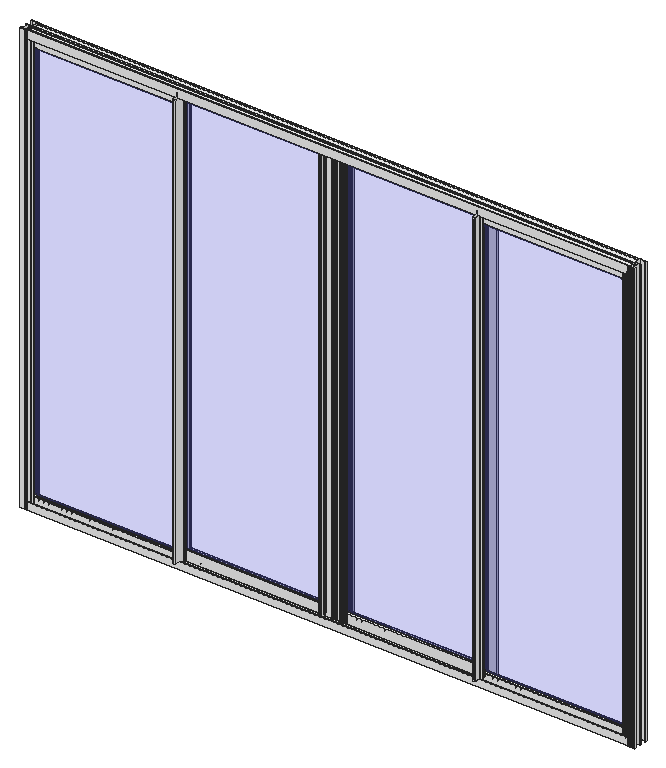
Revit family "700_OXXO_Custom", category Doors, host Wall, Revit 2014 (continued)
Definition of nested family "700_Sash_Sliding_Female_OXXO_Cust"
  Definition of nested family "700_Heavy_Duty_Female_Meeting_Stile"
    Forms (mm)
      Extrusion 2, void
        sketch origin (0, 0, 250) x (0, 1, 0) y (1, 0, 0)
          loop
            line (25.839, 30.848) -> (1.921, 30.848) -> (1.921, 2.015) -> (25.839, 2.015) -> (25.839, 30.848)
        from 0 to 14.3
    Cuts and joins
      Extrusion 2 cuts Extrusion 1
    Dimensions and locks
      aligned and locked: level to plane 2
  Definition of nested family "700_Extra_Heavy_Duty_Female_Meeting_Stile"
    Parameters (values of type "700_Extra_Heavy_Duty_Female_Meeting_Stile")
      Profile Material [instance] = none
      Length Extra Heavy Duty Female Meeting Stile [instance] = 250 mm
    Reference planes
      plane 1 "Center (Front/Back)": y = 0
      plane 2: z = 0
      plane 3 "Center (Left/Right)": x = 0
    Forms (mm)
      Extrusion 1, solid, material <- "Profile Material"
        sketch origin (0, 0, 0) x (1, 0, 0) y (0, 1, 0)
          loop
            arc (9.077, 25.376) -> (6.955, 24.497) -> (6.077, 22.376) r 3
            line (6.077, 22.376) -> (6.077, 10.376)
            arc (6.077, 10.376) -> (6.955, 8.254) -> (9.077, 7.376) r 3
            line (9.077, 7.376) -> (15.077, 7.376)
            arc (15.077, 7.376) -> (17.198, 8.254) -> (18.077, 10.376) r 3
            line (18.077, 10.376) -> (18.077, 22.376)
            arc (18.077, 22.376) -> (17.198, 24.497) -> (15.077, 25.376) r 3
            line (15.077, 25.376) -> (9.077, 25.376)
          loop
            line (19.477, 48.476) -> (19.477, 27.276) -> (50.877, 27.276) -> (50.877, 48.476) -> (19.477, 48.476)
          loop
            arc (18.077, 65.376) -> (17.198, 67.497) -> (15.077, 68.376) r 3
            line (15.077, 68.376) -> (9.077, 68.376)
            arc (9.077, 68.376) -> (6.955, 67.497) -> (6.077, 65.376) r 3
            line (6.077, 65.376) -> (6.077, 53.376)
            arc (6.077, 53.376) -> (6.955, 51.254) -> (9.077, 50.376) r 3
            line (9.077, 50.376) -> (15.077, 50.376)
            arc (15.077, 50.376) -> (17.198, 51.254) -> (18.077, 53.376) r 3
            line (18.077, 53.376) -> (18.077, 65.376)
          loop
            line (6.477, 45.168) -> (6.477, 48.976) -> (18.077, 48.976) -> (18.077, 26.776) -> (6.477, 26.776) -> (6.477, 30.583) -> (10.62, 31.693)
            arc (10.62, 31.693) -> (11.071, 32.356) -> (10.46, 32.875) r 0.6
            line (10.46, 32.875) -> (5.077, 32.875) -> (5.077, 26.276) -> (4.077, 26.276) -> (4.077, 5.876)
            arc (4.077, 5.876) -> (4.955, 3.754) -> (7.077, 2.876) r 3
            line (7.077, 2.876) -> (17.077, 2.876)
            arc (17.077, 2.876) -> (19.198, 3.754) -> (20.077, 5.876) r 3
            line (20.077, 5.876) -> (20.077, 22.376)
            arc (20.077, 22.376) -> (20.955, 24.497) -> (23.077, 25.376) r 3
            line (23.077, 25.376) -> (65.377, 25.376) -> (65.377, 26.776) -> (52.377, 26.776) -> (52.377, 48.976) -> (65.377, 48.976) -> (65.377, 50.376) -> (23.077, 50.376)
            arc (23.077, 50.376) -> (20.955, 51.254) -> (20.077, 53.376) r 3
            line (20.077, 53.376) -> (20.077, 69.876)
            arc (20.077, 69.876) -> (19.198, 71.997) -> (17.077, 72.876) r 3
            line (17.077, 72.876) -> (7.077, 72.876)
            arc (7.077, 72.876) -> (4.955, 71.997) -> (4.077, 69.876) r 3
            line (4.077, 69.876) -> (4.077, 49.476) -> (5.077, 49.476) -> (5.077, 42.876) -> (10.46, 42.876)
            arc (10.46, 42.876) -> (11.071, 43.395) -> (10.62, 44.058) r 0.6
            line (10.62, 44.058) -> (6.477, 45.168)
        from 0 to 250 <- "Length Extra Heavy Duty Female Meeting Stile"
      Extrusion 2, void
        sketch origin (0, 0, 250) x (0, 1, 0) y (1, 0, 0)
          loop
            line (50.376, 27.044) -> (50.376, -4.296) -> (77.736, -4.296) -> (77.736, 27.044) -> (50.376, 27.044)
          loop
            line (25.376, 28.298) -> (-1.599, 28.298) -> (-1.599, -6.702) -> (25.376, -6.702) -> (25.376, 28.298)
        from 0 to 14.3
    Cuts and joins
      Extrusion 2 cuts Extrusion 1
    Dimensions and locks
      aligned and locked: level to plane 2
Definition of nested family "700_Sash_Sliding_Male_OXXO_Cust"
  Parameters (values of type "700_Sash_OXXO_Sliding_Male")
    Meeting Stile Configuration [instance] = 1 mm
    Is Heavy Duty Meeting Stile [instance] = if(Meeting Stile Configuration = 1 mm, 1 = 1, 1 = 0)  # yes
    Is Heavy Duty Interlock [instance] = if(Interlock Configuration = 2 mm, 1 = 1, 1 = 0)  # yes
    Is Extra Heavy Duty Meeting Stile [instance] = if(Meeting Stile Configuration = 2 mm, 1 = 1, 1 = 0)  # no
    Is Extra Heavy Duty Interlock [instance] = if(Interlock Configuration = 3 mm, 1 = 1, 1 = 0)  # no
    Interlock Configuration [instance] = 2 mm
    Head & Sill Front Back Gap = 0.9 mm  # constant formula
    Sash Width [instance] = 900 mm
    Sash Height [instance] = 1200 mm
    Right Sliding [instance] = yes
    Profile Material [instance] = White Powder Coated Aluminium ANP 1052
    Middle of Glazing = 25 mm / 2  # 12.5 mm
    Length Sash Head & Sill [instance] = Sash Width - 28 mm - 60.3 mm  # 811.7 mm
    Length Arrow Tip [instance] = Length Arrow / 3.3  # 80.747 mm
    Length Arrow [instance] = (Sash Width - (2 * 50.3 mm)) / 3  # 266.467 mm
    Left Sliding [instance] = yes
    Is Sliding [instance] = if(or(Right Sliding, Left Sliding), 1 = 1, 1 = 2)  # yes
    Head & Sill Side Gap = 60.3 mm  # constant formula
    Glazing Width [instance] = Sash Width - 52.3 mm - 19 mm  # 828.7 mm
    Glazing Thickness [instance] = 6.4 mm
    Glazing Start [instance] = -Glazing Thickness / 2  # -3.2 mm
    Glazing Material [instance] = Glass
    Glazing Height [instance] = Sash Height - (2 mm * 41.5)  # 1117 mm
    Glazing End [instance] = Glazing Thickness / 2  # 3.2 mm
    Glazing Edge Jamb Gap = 52.3 mm  # constant formula
    Glazing Edge Bottom and Top Gap = 41.5 mm  # constant formula
    Extra Heavy Duty Interlock Side Gap [instance] = Sash Width - 28 mm  # 872 mm
    Arrow Tip Length [instance] = if((Sash Height - (2 * 50.3 mm)) / 8 > Length Arrow / 3.3, Length Arrow / 3.3, (Sash Height - (2 * 50.3 mm)) / 8)  # 80.747 mm
    Arrow Tip Angle = 45.00°  # constant formula
    Arrow Left Gap [instance] = (Sash Width - Length Arrow) / 2  # 316.767 mm
    Arrow Bottom Gap [instance] = Sash Height / 2  # 600 mm
  Reference planes
    plane 1 "Center (Front/Back)": y = 0
    plane 2: z = 0
    plane 3 "Center (Left/Right)": x = 0
    plane 4: y = -12.5
  Forms (mm)
    Extrusion 1, solid, material "Glass" <- "Glazing Material"
      sketch origin (-1127.187, -12.5, 1197.5) x (-1, 0, 0) y (0, 0, 1)
        loop
          line (-246.187, -39) -> (-1074.887, -39) -> (-1074.887, -1156) -> (-246.187, -1156) -> (-246.187, -39)
      from -3.2 <- "Glazing Start" to 3.2 <- "Glazing End"
  Lines and regions (mm)
    model lines, visible <- "Is Sliding"
      curve 1: line (-583.233, -9.3, 600) -> (-316.767, -9.3, 600)
    model lines, visible <- "Left Sliding"
      curve 2: line (-316.767, -9.3, 600) -> (-373.864, -9.3, 657.097)
      curve 3: line (-316.767, -9.3, 600) -> (-373.864, -9.3, 542.903)
    model lines, visible <- "Right Sliding"
      curve 4: line (-583.233, -9.3, 600) -> (-526.136, -9.3, 657.097)
      curve 5: line (-583.233, -9.3, 600) -> (-526.136, -9.3, 542.903)
  Dimensions and locks
    "Length Arrow": curve 1 to curve 1
    "Arrow Left Gap": plane 3 "Center (Left/Right)" to curve 1
    "Arrow Bottom Gap": level to curve 1
    "Arrow Tip Length": curve 3 to curve 2
    "Arrow Tip Length": curve 3 to curve 3
    "Length Arrow Tip": curve 5 to curve 5
    "Length Arrow Tip": curve 5 to curve 4
    "Middle of Glazing": plane 4 to plane 1 "Center (Front/Back)"
    "Sash Height": nested 1 to plane 2
    "Head & Sill Side Gap": plane 3 "Center (Left/Right)" to nested 1
    "Head & Sill Side Gap": plane 3 "Center (Left/Right)" to nested 2
    "Sash Width": nested 3 to plane 3 "Center (Left/Right)"
    "Head & Sill Front Back Gap": nested 2 to plane 1 "Center (Front/Back)"
    "Head & Sill Front Back Gap": nested 1 to plane 1 "Center (Front/Back)"
    "Glazing Edge Jamb Gap": Extrusion 1 to plane 3 "Center (Left/Right)"
    "Glazing Width": Extrusion 1 to Extrusion 1
    "Glazing Height": Extrusion 1 to Extrusion 1
    "Glazing Edge Bottom and Top Gap": Extrusion 1 to plane 2
    "Extra Heavy Duty Interlock Side Gap": nested 4 to plane 3 "Center (Left/Right)"
    "Arrow Tip Angle": angle curve 3 to curve 1
    "Arrow Tip Angle": angle curve 1 to curve 2
    "Arrow Tip Angle": angle curve 4 to curve 1
    "Arrow Tip Angle": angle curve 1 to curve 5
    aligned and locked: level to plane 2
    aligned and locked: plane 1 "Center (Front/Back)" to nested 3
    aligned and locked: nested 2 to level
    aligned and locked: plane 2 to nested 3
    aligned and locked: plane 1 "Center (Front/Back)" to nested 4
    aligned and locked: plane 2 to nested 4
    aligned and locked: nested 5 to plane 1 "Center (Front/Back)"
    aligned and locked: plane 3 "Center (Left/Right)" to nested 5
    aligned and locked: nested 5 to plane 2
    aligned and locked: nested 6 to plane 1 "Center (Front/Back)"
    aligned and locked: plane 3 "Center (Left/Right)" to nested 6
    aligned and locked: nested 6 to plane 2
  Automatic sketch dimensions
    Extrusion 1 sketch curve to plane 3 "Center (Left/Right)" = 52.3 mm
    level to Extrusion 1 sketch curve = 41.5 mm
    Extrusion 1 sketch curve to Extrusion 1 sketch curve = 828.7 mm
    Extrusion 1 sketch curve to Extrusion 1 sketch curve = 1117 mm
  Nested families
    nested 1: "700_Sash_Head_Rail" at (-872, -30.849, 1092.975), Profile Material <- "Profile Material", Length Sash Head & Sill Rail <- "Length Sash Head & Sill", type "700_Sash_Head_Rail"
      with Profile Material White Powder Coated Aluminium ANP 1052, Length Sash Head & Sill Rail 811.7 mm
    nested 2: "700_Sash_Sill_Rail" at (-872, -30.849, -7.025), Profile Material <- "Profile Material", Length Sash Head & Sill Rail <- "Length Sash Head & Sill", type "700_Sash_Sill_Rail"
      with Profile Material White Powder Coated Aluminium ANP 1052, Length Sash Head & Sill Rail 811.7 mm
    nested 3: "700_Heavy_Duty_Interlock" at (-904.214, -36.241, 0) x (0, 1, 0) z (0, 0, 1), Profile Material <- "Profile Material", Length Heavu Duty Interlocker <- "Sash Height", visible <- "Is Heavy Duty Interlock", type "700_Heavy_Duty_Interlock"
      with Profile Material White Powder Coated Aluminium ANP 1052, Length Heavu Duty Interlocker 1200 mm
    nested 4: "700_Extra_Heavy_Duty_Interlock" at (-866.986, -36.132, 0) x (-1, 0, 0) z (0, 0, 1), Profile Material <- "Profile Material", Length Extra Heavy Duty Interlock <- "Sash Height", visible <- "Is Extra Heavy Duty Interlock", type "700_Extra_Heavy_Duty_Interlock"
      with Profile Material White Powder Coated Aluminium ANP 1052, Length Extra Heavy Duty Interlock 1200 mm
    nested 5: "700_Heavy_Duty_Meeting_Stile" at (-68.953, -53.554, 0), Profile Material <- "Profile Material", Length Heavy Duty Meeting Stile <- "Sash Height", visible <- "Is Heavy Duty Meeting Stile", type "700_Heavy_Duty_Meeting_Stile"
      with Profile Material White Powder Coated Aluminium ANP 1052, Length Heavy Duty Meeting Stile 1200 mm
    nested 6: "700_Extra_Heavy_Duty_Meeting_Stile" at (-67.059, -50.751, 0), visible <- "Is Extra Heavy Duty Meeting Stile", Profile Material <- "Profile Material", Length Extra Heavy Duty Meeting Stile <- "Sash Height", type "700_Extra_Heavy_Duty_Meeting_Stile"
      with Profile Material White Powder Coated Aluminium ANP 1052, Length Extra Heavy Duty Meeting Stile 1200 mm
  Definition of nested family "700_Sash_Head_Rail"
    Parameters (values of type "700_Sash_Head_Rail")
      Profile Material [instance] = none
      Length Sash Head & Sill Rail [instance] = 250 mm
    Reference planes
      plane 1 "Center (Front/Back)": y = 0
      plane 2: z = 0
      plane 3 "Center (Left/Right)": x = 0
    Forms (mm)
      Extrusion 1, solid, material <- "Profile Material"
        sketch origin (0, 0, 0) x (0, 1, 0) y (0, 0, 1)
          loop
            line (24.799, 62.725) -> (23.399, 62.725) -> (23.399, 57.025) -> (26.819, 57.025)
            arc (26.819, 57.025) -> (27.319, 57.159) -> (27.685, 57.525) r 1
            line (27.685, 57.525) -> (29.949, 61.447) -> (29.949, 107.025) -> (28.549, 107.025) -> (28.549, 71.925) -> (8.249, 71.925) -> (8.249, 107.025) -> (6.849, 107.025) -> (6.849, 61.447) -> (9.114, 57.525)
            arc (9.114, 57.525) -> (9.48, 57.159) -> (9.98, 57.025) r 1
            line (9.98, 57.025) -> (13.399, 57.025) -> (13.399, 62.725) -> (11.999, 62.725) -> (11.999, 58.425) -> (10.209, 58.425) -> (8.249, 61.903) -> (8.249, 70.525) -> (28.549, 70.525) -> (28.509, 61.753) -> (26.588, 58.425) -> (24.799, 58.425) -> (24.799, 62.725)
        from 0 to 250 <- "Length Sash Head & Sill Rail"
    Dimensions and locks
      aligned and locked: level to plane 2
  Definition of nested family "700_Sash_Sill_Rail"
    Parameters (values of type "700_Sash_Sill_Rail")
      Profile Material [instance] = none
      Length Sash Head & Sill Rail [instance] = 250 mm
    Reference planes
      plane 1 "Center (Front/Back)": y = 0
      plane 2: z = 0
      plane 3 "Center (Left/Right)": x = 0
    Forms (mm)
      Extrusion 1, solid, material <- "Profile Material"
        sketch origin (0, 0, 0) x (0, 1, 0) y (0, 0, 1)
          loop
            line (24.799, 51.325) -> (24.799, 55.625) -> (26.588, 55.625) -> (28.509, 52.298) -> (28.549, 43.525) -> (8.249, 43.525) -> (8.249, 52.148) -> (10.209, 55.625) -> (11.999, 55.625) -> (11.999, 51.325) -> (13.399, 51.325) -> (13.399, 57.025) -> (9.98, 57.025)
            arc (9.98, 57.025) -> (9.48, 56.891) -> (9.114, 56.525) r 1
            line (9.114, 56.525) -> (6.849, 52.603) -> (6.849, 7.025) -> (8.249, 7.025) -> (8.249, 42.125) -> (28.549, 42.125) -> (28.549, 7.025) -> (29.949, 7.025) -> (29.949, 52.603) -> (27.685, 56.525)
            arc (27.685, 56.525) -> (27.319, 56.891) -> (26.819, 57.025) r 1
            line (26.819, 57.025) -> (23.399, 57.025) -> (23.399, 51.325) -> (24.799, 51.325)
        from 0 to 250 <- "Length Sash Head & Sill Rail"
    Dimensions and locks
      aligned and locked: level to plane 2
  Definition of nested family "700_Heavy_Duty_Interlock"
    Parameters (values of type "700_Heavy_Duty_Interlock")
      Profile Material [instance] = none
      Length Heavu Duty Interlocker [instance] = 250 mm
    Reference planes
      plane 1 "Center (Front/Back)": y = 0
      plane 2: z = 0
      plane 3 "Center (Left/Right)": x = 0
    Forms (mm)
      Extrusion 1, solid, material <- "Profile Material"
        sketch origin (0, 0, 0) x (1, 0, 0) y (0, 1, 0)
          loop
            line (13.041, 13.614) -> (13.041, 7.114)
            arc (13.041, 7.114) -> (13.481, 6.054) -> (14.541, 5.614) r 1.5
            line (14.541, 5.614) -> (62.241, 5.614) -> (62.241, 16.814) -> (14.841, 16.814) -> (14.841, 13.614) -> (13.041, 13.614)
          loop
            line (14.241, 4.214) -> (63.241, 4.214)
            arc (63.241, 4.214) -> (65.363, 5.093) -> (66.241, 7.214) r 3
            line (66.241, 7.214) -> (66.241, 15.214)
            arc (66.241, 15.214) -> (65.363, 17.336) -> (63.241, 18.214) r 3
            line (63.241, 18.214) -> (36.241, 18.214) -> (36.241, 33.314) -> (35.441, 33.314) -> (35.441, 32.214) -> (28.741, 32.214) -> (28.741, 26.823)
            arc (28.741, 26.823) -> (29.259, 26.22) -> (29.921, 26.659) r 0.6
            line (29.921, 26.659) -> (31.034, 30.814) -> (34.241, 30.814) -> (34.241, 18.214) -> (14.841, 18.214) -> (14.841, 23.914) -> (13.041, 23.914) -> (13.041, 30.814) -> (16.448, 30.814) -> (17.562, 26.659)
            arc (17.562, 26.659) -> (18.224, 26.22) -> (18.741, 26.823) r 0.6
            line (18.741, 26.823) -> (18.741, 32.214) -> (12.041, 32.214) -> (12.041, 33.314) -> (11.241, 33.314) -> (11.241, 21.014) -> (12.241, 21.014) -> (12.241, 22.214) -> (13.441, 22.214) -> (13.441, 15.314) -> (12.241, 15.314) -> (12.241, 16.514) -> (11.241, 16.514) -> (11.241, 11.764) -> (6.241, 11.764)
            arc (6.241, 11.764) -> (5.888, 11.911) -> (5.741, 12.264) r 0.5
            line (5.741, 12.264) -> (5.741, 15.764)
            arc (5.741, 15.764) -> (5.888, 16.118) -> (6.241, 16.264) r 0.5
            line (6.241, 16.264) -> (7.171, 16.264) -> (5.327, 23.885)
            arc (5.327, 23.885) -> (4.781, 24.26) -> (4.341, 23.765) r 0.5
            line (4.341, 23.765) -> (4.341, 11.864)
            arc (4.341, 11.864) -> (4.781, 10.804) -> (5.841, 10.364) r 1.5
            line (5.841, 10.364) -> (11.241, 10.364) -> (11.241, 7.214)
            arc (11.241, 7.214) -> (12.12, 5.093) -> (14.241, 4.214) r 3
        from 0 to 250 <- "Length Heavu Duty Interlocker"
      Extrusion 2, void
        sketch origin (63.241, 18.214, 0) x (1, 0, 0) y (0, 0, 1)
          loop
            line (-27, 250) -> (-27, 235.7) -> (8, 235.7) -> (8, 250) -> (-27, 250)
        from 0 to 250
    Cuts and joins
      Extrusion 2 cuts Extrusion 1
    Dimensions and locks
      locked: Extrusion 2 sketch curve to Extrusion 2 sketch curve at 14.3
      aligned and locked: level to plane 2
      aligned and locked: Extrusion 1 to Extrusion 2 sketch curve
      aligned and locked: Extrusion 2 sketch curve to Extrusion 1
  Definition of nested family "700_Extra_Heavy_Duty_Interlock"
    Parameters (values of type "700_Extra_Heavy_Duty_Interlock")
      Profile Material [instance] = none
      Length Extra Heavy Duty Interlock [instance] = 250 mm
    Reference planes
      plane 1 "Center (Front/Back)": y = 0
      plane 2: z = 0
      plane 3 "Center (Left/Right)": x = 0
    Forms (mm)
      Extrusion 1, solid, material <- "Profile Material"
        sketch origin (0, 0, 0) x (1, 0, 0) y (0, 1, 0)
          loop
            line (6.414, 16.339) -> (10.57, 17.452)
            arc (10.57, 17.452) -> (11.009, 18.114) -> (10.406, 18.631) r 0.6
            line (10.406, 18.631) -> (5.014, 18.631) -> (5.014, 11.932) -> (3.914, 11.932) -> (3.914, 11.132) -> (15.714, 11.132)
            arc (15.714, 11.132) -> (16.214, 11.632) -> (15.714, 12.132) r 0.5
            line (15.714, 12.132) -> (14.914, 12.132) -> (14.914, 13.332) -> (22.014, 13.332) -> (22.014, 12.132) -> (21.214, 12.132)
            arc (21.214, 12.132) -> (20.714, 11.632) -> (21.214, 11.132) r 0.5
            line (21.214, 11.132) -> (24.864, 11.132) -> (24.864, 9.98)
            arc (24.864, 9.98) -> (23.986, 7.858) -> (21.864, 6.98) r 3
            line (21.864, 6.98) -> (20.665, 6.98) -> (13.344, 5.217)
            arc (13.344, 5.217) -> (12.968, 4.671) -> (13.464, 4.232) r 0.5
            line (13.464, 4.232) -> (25.364, 4.232)
            arc (25.364, 4.232) -> (26.425, 4.671) -> (26.864, 5.732) r 1.5
            line (26.864, 5.732) -> (26.864, 11.132) -> (39.914, 11.132)
            arc (39.914, 11.132) -> (42.036, 12.01) -> (42.914, 14.132) r 3
            line (42.914, 14.132) -> (42.914, 63.132)
            arc (42.914, 63.132) -> (42.036, 65.253) -> (39.914, 66.132) r 3
            line (39.914, 66.132) -> (6.914, 66.132)
            arc (6.914, 66.132) -> (4.793, 65.253) -> (3.914, 63.132) r 3
            line (3.914, 63.132) -> (3.914, 35.332) -> (5.014, 35.332) -> (5.014, 28.632) -> (10.406, 28.632)
            arc (10.406, 28.632) -> (11.009, 29.149) -> (10.57, 29.811) r 0.6
            line (10.57, 29.811) -> (6.414, 30.924) -> (6.414, 34.132) -> (19.014, 34.132) -> (19.014, 14.732) -> (13.314, 14.732) -> (13.314, 12.932) -> (6.414, 12.932) -> (6.414, 16.339)
          loop
            line (37.914, 62.132) -> (8.914, 62.132)
            arc (8.914, 62.132) -> (6.793, 61.253) -> (5.914, 59.132) r 3
            line (5.914, 59.132) -> (5.914, 36.132) -> (40.914, 36.132) -> (40.914, 59.132)
            arc (40.914, 59.132) -> (40.036, 61.253) -> (37.914, 62.132) r 3
          loop
            line (23.415, 14.732) -> (37.914, 14.732)
            arc (37.914, 14.732) -> (40.036, 15.61) -> (40.914, 17.732) r 3
            line (40.914, 17.732) -> (40.914, 34.132) -> (20.415, 34.132) -> (20.415, 17.732)
            arc (20.415, 17.732) -> (21.294, 15.61) -> (23.415, 14.732) r 3
        from 0 to 250 <- "Length Extra Heavy Duty Interlock"
      Extrusion 2, void
        sketch origin (3.914, 63.132, 0) x (0, 1, 0) y (0, 0, 1)
          loop
            line (-27.8, 250) -> (-27.8, 235.7) -> (7.2, 235.7) -> (7.2, 250) -> (-27.8, 250)
        from 0 to 250
    Cuts and joins
      Extrusion 2 cuts Extrusion 1
    Dimensions and locks
      locked: Extrusion 1 to Extrusion 2 sketch curve at 14.3
      aligned and locked: level to plane 2
      aligned and locked: Extrusion 2 sketch curve to Extrusion 1  (x2)
  Definition of nested family "700_Heavy_Duty_Meeting_Stile"
    Parameters (values of type "700_Heavy_Duty_Meeting_Stile")
      Profile Material [instance] = none
      Length Heavy Duty Meeting Stile [instance] = 250 mm
    Reference planes
      plane 1 "Center (Front/Back)": y = 0
      plane 2: z = 0
      plane 3 "Center (Left/Right)": x = 0
    Forms (mm)
      Extrusion 1, solid, material <- "Profile Material"
        sketch origin (0, 0, 0) x (1, 0, 0) y (0, 1, 0)
          loop
            line (71.603, 50.154) -> (68.953, 50.154) -> (68.953, 53.554) -> (26.253, 53.554)
            arc (26.253, 53.554) -> (24.132, 54.432) -> (23.253, 56.554) r 3
            line (23.253, 56.554) -> (23.253, 73.054)
            arc (23.253, 73.054) -> (22.374, 75.175) -> (20.253, 76.054) r 3
            line (20.253, 76.054) -> (14.253, 76.054)
            arc (14.253, 76.054) -> (12.058, 75.098) -> (11.261, 72.84) r 3
            arc (11.261, 72.84) -> (11.37, 72.432) -> (11.753, 72.254) r 0.5
            line (11.753, 72.254) -> (14.553, 72.254)
            arc (14.553, 72.254) -> (14.907, 72.4) -> (15.053, 72.754) r 0.5
            arc (15.053, 72.754) -> (15.492, 73.814) -> (16.553, 74.254) r 1.5
            line (16.553, 74.254) -> (19.953, 74.254)
            arc (19.953, 74.254) -> (21.014, 73.814) -> (21.453, 72.754) r 1.5
            line (21.453, 72.754) -> (21.453, 56.554)
            arc (21.453, 56.554) -> (20.574, 54.432) -> (18.453, 53.554) r 3
            line (18.453, 53.554) -> (7.353, 53.554) -> (7.353, 52.754) -> (8.653, 52.754) -> (8.653, 46.054) -> (13.837, 46.054)
            arc (13.837, 46.054) -> (14.448, 46.573) -> (13.997, 47.236) r 0.6
            line (13.997, 47.236) -> (9.853, 48.346) -> (9.853, 52.154) -> (21.453, 52.154) -> (21.453, 29.954) -> (9.853, 29.954) -> (9.853, 33.761) -> (13.997, 34.871)
            arc (13.997, 34.871) -> (14.448, 35.534) -> (13.837, 36.053) r 0.6
            line (13.837, 36.053) -> (8.653, 36.053) -> (8.653, 29.354) -> (7.353, 29.354) -> (7.353, 28.554) -> (18.453, 28.554)
            arc (18.453, 28.554) -> (20.574, 27.675) -> (21.453, 25.554) r 3
            line (21.453, 25.554) -> (21.453, 9.354)
            arc (21.453, 9.354) -> (21.014, 8.293) -> (19.953, 7.854) r 1.5
            line (19.953, 7.854) -> (16.553, 7.854)
            arc (16.553, 7.854) -> (15.492, 8.293) -> (15.053, 9.354) r 1.5
            arc (15.053, 9.354) -> (14.907, 9.707) -> (14.553, 9.854) r 0.5
            line (14.553, 9.854) -> (11.753, 9.854)
            arc (11.753, 9.854) -> (11.37, 9.675) -> (11.261, 9.267) r 0.5
            arc (11.261, 9.267) -> (12.058, 7.009) -> (14.253, 6.054) r 3
            line (14.253, 6.054) -> (20.253, 6.054)
            arc (20.253, 6.054) -> (22.374, 6.932) -> (23.253, 9.054) r 3
            line (23.253, 9.054) -> (23.253, 25.554)
            arc (23.253, 25.554) -> (24.132, 27.675) -> (26.253, 28.554) r 3
            line (26.253, 28.554) -> (68.953, 28.554) -> (68.953, 31.954) -> (71.603, 31.954) -> (71.603, 32.954) -> (70.603, 32.954) -> (70.603, 34.154) -> (77.503, 34.154) -> (77.503, 32.954) -> (76.703, 32.954) -> (76.703, 31.954) -> (78.153, 31.954)
            arc (78.153, 31.954) -> (78.86, 32.246) -> (79.153, 32.954) r 1
            line (79.153, 32.954) -> (79.153, 34.554)
            arc (79.153, 34.554) -> (78.86, 35.261) -> (78.153, 35.554) r 1
            line (78.153, 35.554) -> (68.953, 35.554) -> (68.953, 33.354) -> (67.553, 33.354) -> (67.553, 29.954) -> (59.153, 29.954) -> (59.153, 52.154) -> (67.553, 52.154) -> (67.553, 48.754) -> (68.953, 48.754) -> (68.953, 46.554) -> (78.153, 46.554)
            arc (78.153, 46.554) -> (78.86, 46.846) -> (79.153, 47.554) r 1
            line (79.153, 47.554) -> (79.153, 49.154)
            arc (79.153, 49.154) -> (78.86, 49.861) -> (78.153, 50.154) r 1
            line (78.153, 50.154) -> (76.703, 50.154) -> (76.703, 49.154) -> (77.503, 49.154) -> (77.503, 47.954) -> (70.603, 47.954) -> (70.603, 49.154) -> (71.603, 49.154) -> (71.603, 50.154)
          loop
            line (22.853, 29.954) -> (57.353, 29.954) -> (57.353, 52.154) -> (22.853, 52.154) -> (22.853, 29.954)
        from 0 to 250 <- "Length Heavy Duty Meeting Stile"
      Extrusion 2, void
        sketch origin (0, 0, 250) x (0, 1, 0) y (1, 0, 0)
          loop
            line (53.554, 31.569) -> (53.554, 4.005) -> (79.816, 4.005) -> (79.816, 31.569) -> (53.554, 31.569)
          loop
            line (28.554, 30.634) -> (3.043, 30.634) -> (3.043, 4.005) -> (28.554, 4.005) -> (28.554, 30.634)
        from 0 to 14.3
    Cuts and joins
      Extrusion 2 cuts Extrusion 1
    Dimensions and locks
      aligned and locked: level to plane 2
  Definition of nested family "700_Extra_Heavy_Duty_Meeting_Stile"
    Parameters (values of type "700_Extra_Heavy_Duty_Meeting_Stile")
      Profile Material [instance] = none
      Length Extra Heavy Duty Meeting Stile [instance] = 250 mm
    Reference planes
      plane 1 "Center (Front/Back)": y = 0
      plane 2: z = 0
      plane 3 "Center (Left/Right)": x = 0
    Forms (mm)
      Extrusion 1, solid, material <- "Profile Material"
        sketch origin (0, 0, 0) x (1, 0, 0) y (0, 1, 0)
          loop
            line (20.959, 48.851) -> (20.959, 27.651) -> (55.459, 27.651) -> (55.459, 48.851) -> (20.959, 48.851)
          loop
            line (24.559, 25.751) -> (67.059, 25.751) -> (67.059, 29.151) -> (69.709, 29.151) -> (69.709, 30.151) -> (68.709, 30.151) -> (68.709, 31.351) -> (75.609, 31.351) -> (75.609, 30.151) -> (74.809, 30.151) -> (74.809, 29.151) -> (76.259, 29.151)
            arc (76.259, 29.151) -> (76.966, 29.444) -> (77.259, 30.151) r 1
            line (77.259, 30.151) -> (77.259, 31.751)
            arc (77.259, 31.751) -> (76.966, 32.458) -> (76.259, 32.751) r 1
            line (76.259, 32.751) -> (67.059, 32.751) -> (67.059, 30.551) -> (65.659, 30.551) -> (65.659, 27.151) -> (57.259, 27.151) -> (57.259, 49.351) -> (65.659, 49.351) -> (65.659, 45.951) -> (67.059, 45.951) -> (67.059, 43.751) -> (76.259, 43.751)
            arc (76.259, 43.751) -> (76.966, 44.044) -> (77.259, 44.751) r 1
            line (77.259, 44.751) -> (77.259, 46.351)
            arc (77.259, 46.351) -> (76.966, 47.058) -> (76.259, 47.351) r 1
            line (76.259, 47.351) -> (74.809, 47.351) -> (74.809, 46.351) -> (75.609, 46.351) -> (75.609, 45.151) -> (68.709, 45.151) -> (68.709, 46.351) -> (69.709, 46.351) -> (69.709, 47.351) -> (67.059, 47.351) -> (67.059, 50.751) -> (24.559, 50.751)
            arc (24.559, 50.751) -> (22.438, 51.63) -> (21.559, 53.751) r 3
            line (21.559, 53.751) -> (21.559, 70.251)
            arc (21.559, 70.251) -> (20.681, 72.372) -> (18.559, 73.251) r 3
            line (18.559, 73.251) -> (8.559, 73.251)
            arc (8.559, 73.251) -> (6.438, 72.372) -> (5.559, 70.251) r 3
            line (5.559, 70.251) -> (5.559, 49.851) -> (6.759, 49.851) -> (6.759, 43.251) -> (11.943, 43.251)
            arc (11.943, 43.251) -> (12.554, 43.77) -> (12.103, 44.433) r 0.6
            line (12.103, 44.433) -> (7.959, 45.544) -> (7.959, 49.351) -> (19.559, 49.351) -> (19.559, 27.151) -> (7.959, 27.151) -> (7.959, 30.958) -> (12.103, 32.068)
            arc (12.103, 32.068) -> (12.554, 32.731) -> (11.943, 33.251) r 0.6
            line (11.943, 33.251) -> (6.759, 33.251) -> (6.759, 26.651) -> (5.559, 26.651) -> (5.559, 6.251)
            arc (5.559, 6.251) -> (6.438, 4.13) -> (8.559, 3.251) r 3
            line (8.559, 3.251) -> (18.559, 3.251)
            arc (18.559, 3.251) -> (20.681, 4.13) -> (21.559, 6.251) r 3
            line (21.559, 6.251) -> (21.559, 22.751)
            arc (21.559, 22.751) -> (22.438, 24.872) -> (24.559, 25.751) r 3
          loop
            arc (10.559, 25.751) -> (8.438, 24.872) -> (7.559, 22.751) r 3
            line (7.559, 22.751) -> (7.559, 10.751)
            arc (7.559, 10.751) -> (8.438, 8.63) -> (10.559, 7.751) r 3
            line (10.559, 7.751) -> (16.559, 7.751)
            arc (16.559, 7.751) -> (18.681, 8.63) -> (19.559, 10.751) r 3
            line (19.559, 10.751) -> (19.559, 22.751)
            arc (19.559, 22.751) -> (18.681, 24.872) -> (16.559, 25.751) r 3
            line (16.559, 25.751) -> (10.559, 25.751)
          loop
            arc (19.559, 65.751) -> (18.681, 67.872) -> (16.559, 68.751) r 3
            line (16.559, 68.751) -> (10.559, 68.751)
            arc (10.559, 68.751) -> (8.438, 67.872) -> (7.559, 65.751) r 3
            line (7.559, 65.751) -> (7.559, 53.751)
            arc (7.559, 53.751) -> (8.438, 51.63) -> (10.559, 50.751) r 3
            line (10.559, 50.751) -> (16.559, 50.751)
            arc (16.559, 50.751) -> (18.681, 51.63) -> (19.559, 53.751) r 3
            line (19.559, 53.751) -> (19.559, 65.751)
        from 0 to 250 <- "Length Extra Heavy Duty Meeting Stile"
      Extrusion 2, void
        sketch origin (0, 0, 250) x (0, 1, 0) y (1, 0, 0)
          loop
            line (50.751, 26.039) -> (50.751, -2.222) -> (75.06, -2.222) -> (75.06, 26.039) -> (50.751, 26.039)
          loop
            line (25.751, 28.115) -> (-1.35, 28.115) -> (-1.35, -4.173) -> (25.751, -4.173) -> (25.751, 28.115)
        from 0 to 14.3
    Cuts and joins
      Extrusion 2 cuts Extrusion 1
    Dimensions and locks
      aligned and locked: level to plane 2
